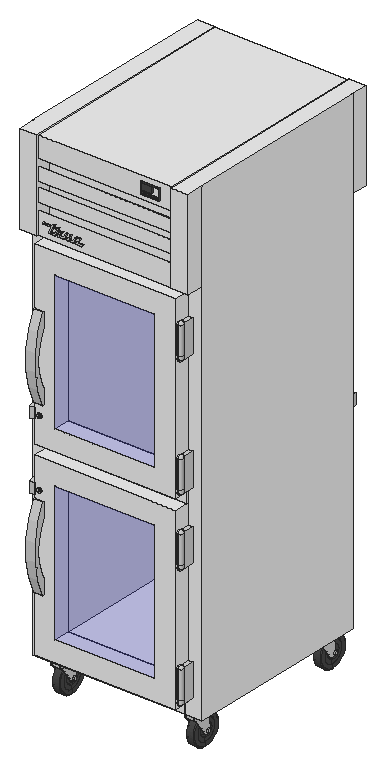
Revit family "QF_TRUE_STR1RPT-2HG-1S-HC", category Specialty Equipment, Revit 2012
Parameters
  Weight in Pounds = 0
  Watts = Volts * FL Amps  # 437 W
  Volts = 115 V
  URL Manufacturer = "www.truemfg.com"
  URL Cutsheet = "www.truemfg.com"
  URL = "www.truemfg.com"
  Type Mark [instance] = ""
  Type Comments = "www.truemfg.com"
  Status [instance] = ""
  Specification by User [instance] = ""
  Specification by Manufacturer = ""
  Show Seismic Flanged [instance] = no
  Show Logo [instance] = yes
  Show Legs [instance] = no
  Show Clearance [instance] = yes
  Serial Number = ""
  Seismic Rating = ""
  Seismic Plate [instance] = and(Show Seismic Flanged, not(Show Casters))  # no
  SMACNA No = ""
  Revision Code [instance] = ""
  Phase = 1
  Omniclass Number and Title = ""
  Number of Poles [instance] = 1
  NAFEM Spec ID Number = ""
  Model = "STR1RPT-2HG-1S-HC"
  Min Ckt Ampacity = 15 A
  Max Overcurrent Protection = 15 A
  MasterSpec. = ""
  Manufacturer = "TRUE FOOD SERVICE EQUIPMENT, INC."
  Length = 27 1/2"
  Legs [instance] = or(Show Legs, Show Seismic Flanged)  # no
  Item Number [instance] = ""
  Installed By [instance] = ""
  Identify Quantity as Lot [instance] = yes
  Height = 77 3/4"
  HP = "1/4"
  Furnished By [instance] = ""
  Foodservice Equipment Identifier [instance] = yes
  FL Amps = 3.8 A
  Electrical Remarks [instance] = ""
  Electric Connection Type [instance] = ""
  Elec Conn RI Height [instance] = 0"
  Elec Conn Connection Height [instance] = 0"
  Description = "PASS-THRU HALF GLASS FRONT/SOLID REAR SWING DOORS REFRIGERATOR WITH HYDROCARBON REFRIGERANT"
  Depth = 36 1/8"
  Cycle = 60 Hz
  Conn Plug = "5-15P"
  Conn Conduit = yes
  Show Casters [instance] = and(not(if(Show Legs, Show Legs, Show Legs)), not(if(Show Legs, Show Legs, Show Seismic Flanged)))  # yes
  CSI MasterFormat = ""
  CSI Master Format = ""
  Apparent Power = if(Phase = 3, Volts * FL Amps * 1.73, Volts * FL Amps)  # 437 VA
Reference planes (in)
  plane 1: z = 0
  plane 2 "LEFT": x = 0
  plane 3 "RIGHT": x = 27.5
  plane 4 "FRONT": y = -33.75
  plane 5 "TOP": z = 84.125
  plane 6: z = 6.125
  plane 7: y = -33.7042
  plane 8: y = 2.375
  plane 9: y = -35.40625
  plane 10: y = 4.03125
Forms (in)
  Extrusion 1, solid, material "QF_Finishes_Chrome - Satin"
    sketch origin (0.09687, 0, 0) x (1, 0, 0) y (0, 1, 0)
      loop
        line (-0.09687, -0.375) -> (-0.09687, -31) -> (2.7625, -31) -> (2.7625, -0.375) -> (-0.09687, -0.375)
    from 6.125 to 84.125
  Extrusion 2, solid, material "QF_Finishes_Chrome - Satin"
    sketch origin (50.15, 0, 0) x (1, 0, 0) y (0, 1, 0)
      loop
        line (-25.50937, -0.375) -> (-25.50937, -31) -> (-22.65, -31) -> (-22.65, -0.375) -> (-25.50937, -0.375)
    from 6.125 to 84.125
  Extrusion 3, solid, material "QF_Finishes_Chrome - Satin"
    sketch origin (0, 0, 0) x (0, 1, 0) y (0, 0, 1)
      loop
        line (-33.5625, 69.5) -> (-31, 69.5) -> (-31, 64.75) -> (-0.375, 64.75) -> (-0.375, 69.5) -> (2.1875, 69.5) -> (2.1875, 73.29302) -> (-0.15841, 71.625) -> (-0.15841, 72.90057) -> (2.1875, 74.56859) -> (2.1875, 76.6648) -> (-0.15841, 74.99678) -> (-0.15841, 75.95754) -> (2.1875, 77.62556) -> (2.1875, 79.75927) -> (-0.15841, 78.09125) -> (-0.15841, 79.21352) -> (2.1875, 80.88154) -> (2.1875, 84.125) -> (-33.5625, 84.125) -> (-33.5625, 80.68002) -> (-31.5, 79.21352) -> (-31.5, 78.09125) -> (-33.5625, 79.55776) -> (-33.5625, 77.42405) -> (-31.5, 75.95754) -> (-31.5, 74.99678) -> (-33.5625, 76.46328) -> (-33.5625, 74.36708) -> (-31.5, 72.90057) -> (-31.5, 71.625) -> (-33.5625, 73.09151) -> (-33.5625, 69.5)
      loop
        line (-31, 6.125) -> (-0.375, 6.125) -> (-0.375, 8.94743) -> (-31, 8.94743) -> (-31, 6.125)
    from 2.85938 to 24.64063
  Extrusion 4, solid, material "QF_Finishes_Chrome - Satin"
    sketch origin (0.10531, 0, 0) x (1, 0, 0) y (0, 1, 0)
      loop
        line (27.34782, -31) -> (24.53532, -31) -> (24.53532, -33.75) -> (27.34782, -33.75) -> (27.34782, -31)
    from 69.5 to 84.125
  Extrusion 5, solid, material "QF_Finishes_Chrome - Satin"
    sketch origin (-50.19421, 0, 0.25) x (1, 0, 0) y (0, 1, 0)
      loop
        line (53.05359, -31) -> (50.24109, -31) -> (50.24109, -33.75) -> (53.05359, -33.75) -> (53.05359, -31)
    from 69.25 to 83.875
  Extrusion 6, solid, material "QF_Finishes_Handrails and Railings", visible <- "Show Logo"
    sketch origin (0.33478, 1.08173, -6.73143) x (1, 0, 0) y (0, 0, 1)
      loop
        line (3.46044, 78.46231) -> (3.35478, 78.23573) -> (4.76027, 78.23573)
        arc (4.76027, 78.23573) -> (4.78879, 78.18528) -> (4.76027, 78.13484) r 0.05887
        line (4.76027, 78.13484) -> (4.39369, 77.34872)
        arc (4.39369, 77.34872) -> (4.39051, 77.27591) -> (4.43975, 77.22217) r 0.09523
        line (4.43975, 77.22217) -> (5.33844, 77.22217)
        arc (5.33844, 77.22217) -> (5.45192, 77.25795) -> (5.52436, 77.35235) r 0.19785
        line (5.52436, 77.35235) -> (5.81285, 77.97101) -> (6.0779, 77.97101)
        arc (6.0779, 77.97101) -> (6.14744, 77.94543) -> (6.13737, 77.87203) r 0.05911
        line (6.13737, 77.87203) -> (5.89598, 77.35437)
        arc (5.89598, 77.35437) -> (5.89974, 77.2684) -> (5.97231, 77.22217) r 0.09318
        line (5.97231, 77.22217) -> (6.76198, 77.22217)
        arc (6.76198, 77.22217) -> (6.82249, 77.24419) -> (6.85468, 77.29995) r 0.09412
        arc (6.85468, 77.29995) -> (6.87746, 77.24495) -> (6.93246, 77.22217) r 0.07778
        line (6.93246, 77.22217) -> (7.43246, 77.22217)
        arc (7.43246, 77.22217) -> (7.49022, 77.23765) -> (7.53251, 77.27993) r 0.11552
        arc (7.53251, 77.27993) -> (7.55275, 77.23106) -> (7.60162, 77.21081) r 0.06912
        line (7.60162, 77.21081) -> (8.31225, 77.21081)
        arc (8.31225, 77.21081) -> (8.37034, 77.23488) -> (8.39441, 77.29297) r 0.08216
        arc (8.39441, 77.29297) -> (8.44767, 77.23972) -> (8.52042, 77.22022) r 0.14551
        line (8.52042, 77.22022) -> (9.85158, 77.22022) -> (9.99946, 77.47634) -> (8.65678, 77.47634)
        arc (8.65678, 77.47634) -> (8.61972, 77.50204) -> (8.61834, 77.54711) r 0.05009
        line (8.61834, 77.54711) -> (8.64157, 77.59692)
        arc (8.64157, 77.59692) -> (8.67723, 77.64364) -> (8.73327, 77.66135) r 0.09747
        line (8.73327, 77.66135) -> (9.16485, 77.66135)
        arc (9.16485, 77.66135) -> (9.258, 77.68631) -> (9.32619, 77.7545) r 0.1863
        line (9.32619, 77.7545) -> (9.45119, 77.97101)
        arc (9.45119, 77.97101) -> (9.45119, 78.08657) -> (9.35111, 78.14434) r 0.11556
        line (9.35111, 78.14434) -> (8.89562, 78.14434)
        arc (8.89562, 78.14434) -> (8.7795, 78.12462) -> (8.69849, 78.03912) r 0.18605
        line (8.69849, 78.03912) -> (8.48204, 77.57493)
        arc (8.48204, 77.57493) -> (8.41815, 77.49167) -> (8.31806, 77.46011) r 0.1745
        line (8.31806, 77.46011) -> (7.84559, 77.46011)
        arc (7.84559, 77.46011) -> (7.78903, 77.52184) -> (7.79268, 77.60548) r 0.10939
        line (7.79268, 77.60548) -> (8.04395, 78.14434) -> (7.88403, 78.14434) -> (7.61781, 77.57344)
        arc (7.61781, 77.57344) -> (7.56609, 77.50603) -> (7.48505, 77.48048) r 0.14128
        line (7.48505, 77.48048) -> (7.15925, 77.48048)
        arc (7.15925, 77.48048) -> (7.10419, 77.55223) -> (7.116, 77.64189) r 0.11816
        line (7.116, 77.64189) -> (7.3503, 78.14434) -> (7.18514, 78.14434) -> (6.91546, 77.566)
        arc (6.91546, 77.566) -> (6.85285, 77.50339) -> (6.76733, 77.48048) r 0.17104
        line (6.76733, 77.48048) -> (6.29555, 77.48048)
        arc (6.29555, 77.48048) -> (6.21082, 77.51999) -> (6.20267, 77.61313) r 0.0935
        line (6.20267, 77.61313) -> (6.35774, 77.94569) -> (6.57695, 77.94569)
        arc (6.57695, 77.94569) -> (6.61395, 78.05717) -> (6.69267, 78.14434) r 0.2857
        line (6.69267, 78.14434) -> (5.83605, 78.14434)
        arc (5.83605, 78.14434) -> (5.74086, 78.12324) -> (5.67498, 78.05135) r 0.16212
        line (5.67498, 78.05135) -> (5.44279, 77.55341)
        arc (5.44279, 77.55341) -> (5.3894, 77.50002) -> (5.31647, 77.48048) r 0.14586
        line (5.31647, 77.48048) -> (4.80506, 77.48048)
        arc (4.80506, 77.48048) -> (4.76514, 77.53442) -> (4.77274, 77.60109) r 0.09155
        line (4.77274, 77.60109) -> (5.11018, 78.23573) -> (5.96155, 78.23573) -> (6.06721, 78.46231) -> (5.21584, 78.46231) -> (5.32149, 78.68888) -> (5.01862, 78.68888) -> (4.91297, 78.46231) -> (3.46044, 78.46231)
      loop
        arc (8.83805, 77.93863) -> (8.80119, 77.92875) -> (8.7742, 77.90176) r 0.07373
        line (8.7742, 77.90176) -> (8.75229, 77.83436)
        arc (8.75229, 77.83436) -> (8.76245, 77.80983) -> (8.78699, 77.79966) r 0.0347
        line (8.78699, 77.79966) -> (9.15948, 77.79966)
        arc (9.15948, 77.79966) -> (9.18632, 77.80561) -> (9.20812, 77.82234) r 0.0635
        line (9.20812, 77.82234) -> (9.22624, 77.90622)
        arc (9.22624, 77.90622) -> (9.22091, 77.92868) -> (9.20009, 77.93863) r 0.02676
        line (9.20009, 77.93863) -> (8.83805, 77.93863)
    from 34.64423 to 34.83173
  Extrusion 7, solid
    sketch origin (-25.125, 2.60721, 0) x (1, 0, 0) y (0, 0, 1)
      loop
        circle (49.375, 82) r 0.25
    from 0.23221 to 0.125
  Revolve 8, solid, material "QF_Finishes_Black", visible <- "Show Casters"
    sketch origin (22.65625, -27.375, 0) x (1, 0, 0) y (0, 0, 1)
      loop
        line (1.475, 5) -> (1.375, 4.9) -> (1.375, 4.29941) -> (1.53601, 4.29941) -> (1.53601, 3.54941) -> (1.375, 3.54941) -> (1.375, 2.79941) -> (0.975, 2.79941) -> (0.975, 2.5) -> (3.025, 2.5) -> (3.025, 2.79941) -> (2.62908, 2.79941) -> (2.62908, 3.54941) -> (2.46399, 3.54941) -> (2.46399, 4.29941) -> (2.62908, 4.29941) -> (2.62908, 4.89592) -> (2.525, 5) -> (1.475, 5)
      axis (3.025, 2.5) -> (0.975, 2.5)
    angle from 0 to 360
  Extrusion 9, solid, material "QF_Finishes_Handrails and Railings", visible <- "Show Casters"
    sketch origin (22.65625, 0, 0) x (0, 1, 0) y (0, 0, 1)
      loop
        line (-29.95136, 5.48574) -> (-29.95136, 4.88089) -> (-29.70136, 4.88089) -> (-27.95216, 2.18736)
        arc (-27.95216, 2.18736) -> (-27.23883, 1.94868) -> (-26.84581, 2.59003) r 0.60416
        line (-26.84581, 2.59003) -> (-27.20136, 5.48574) -> (-29.95136, 5.48574)
      loop
        line (-4.45145, 5.48574) -> (-4.45145, 4.88089) -> (-4.20145, 4.88089) -> (-2.45225, 2.18736)
        arc (-2.45225, 2.18736) -> (-1.73892, 1.94868) -> (-1.3459, 2.59003) r 0.60416
        line (-1.3459, 2.59003) -> (-1.70145, 5.48574) -> (-4.45145, 5.48574)
    from 1.175 to 1.325
  Extrusion 10, solid, material "QF_Finishes_Handrails and Railings", visible <- "Show Casters"
    sketch origin (24.15625, 0, 0) x (0, 1, 0) y (0, 0, 1)
      loop
        line (-29.95136, 5.48574) -> (-29.95136, 4.88089) -> (-29.70136, 4.88089) -> (-27.95216, 2.18736)
        arc (-27.95216, 2.18736) -> (-27.23883, 1.94868) -> (-26.84581, 2.59003) r 0.60416
        line (-26.84581, 2.59003) -> (-27.20136, 5.48574) -> (-29.95136, 5.48574)
      loop
        line (-4.45145, 5.48574) -> (-4.45145, 4.88089) -> (-4.20145, 4.88089) -> (-2.45225, 2.18736)
        arc (-2.45225, 2.18736) -> (-1.73892, 1.94868) -> (-1.3459, 2.59003) r 0.60416
        line (-1.3459, 2.59003) -> (-1.70145, 5.48574) -> (-4.45145, 5.48574)
    from 1.175 to 1.325
  Revolve 11, solid, material "QF_Finishes_Chrome - Satin", visible <- "Show Casters"
    sketch origin (22.65625, -28.5625, -0.5) x (1, 0, 0) y (0, 0, 1)
      loop
        line (2, 5.99546) -> (2, 6.62359) -> (0.70293, 6.62359) -> (0.70293, 5.99546) -> (2, 5.99546)
      axis (2, 5.99546) -> (2, 6.62359)
    angle from 0 to 360
  Revolve 12, solid, material "QF_Finishes_Chrome - Satin", visible <- "Legs"
    sketch origin (22.65625, -2.69102, 0) x (1, 0, 0) y (0, 0, 1)
      loop
        line (2, 6.125) -> (0.66662, 6.125) -> (1.25, 1) -> (1.5, 1) -> (1.5, 0) -> (2, 0) -> (2, 6.125)
      axis (2, 0) -> (2, 6.125)
    angle from 0 to 360
  Revolve 13, solid, material "QF_Finishes_Chrome - Satin", visible <- "Legs"
    sketch origin (22.65625, -28.5625, 0) x (1, 0, 0) y (0, 0, 1)
      loop
        line (2, 6.125) -> (0.66662, 6.125) -> (1.25, 1) -> (1.5, 1) -> (1.5, 0) -> (2, 0) -> (2, 6.125)
      axis (2, 0) -> (2, 6.125)
    angle from 0 to 360
  Revolve 14, solid, material "QF_Finishes_Chrome - Satin", visible <- "Show Casters"
    sketch origin (22.65625, -2.70321, -0.5) x (1, 0, 0) y (0, 0, 1)
      loop
        line (2, 5.99546) -> (2, 6.62359) -> (0.70293, 6.62359) -> (0.70293, 5.99546) -> (2, 5.99546)
      axis (2, 5.99546) -> (2, 6.62359)
    angle from 0 to 360
  Extrusion 15, solid, material "QF_Finishes_Handrails and Railings", visible <- "Show Casters"
    sketch origin (-25.125, 0, 0) x (0, 1, 0) y (0, 0, 1)
      loop
        line (-29.95136, 5.48574) -> (-29.95136, 4.88089) -> (-29.70136, 4.88089) -> (-27.16533, 5.19227) -> (-27.20136, 5.48574) -> (-29.95136, 5.48574)
      loop
        line (-4.45145, 5.48574) -> (-4.45145, 4.88089) -> (-4.20145, 4.88089) -> (-1.66542, 5.19227) -> (-1.70145, 5.48574) -> (-4.45145, 5.48574)
    from 49.10625 to 50.45625
  Revolve 16, solid, material "QF_Finishes_Black", visible <- "Show Casters"
    sketch origin (0.84375, -27.375, 0) x (1, 0, 0) y (0, 0, 1)
      loop
        line (1.475, 5) -> (1.375, 4.9) -> (1.375, 4.29941) -> (1.53601, 4.29941) -> (1.53601, 3.54941) -> (1.375, 3.54941) -> (1.375, 2.79941) -> (0.975, 2.79941) -> (0.975, 2.5) -> (3.025, 2.5) -> (3.025, 2.79941) -> (2.62908, 2.79941) -> (2.62908, 3.54941) -> (2.46399, 3.54941) -> (2.46399, 4.29941) -> (2.62908, 4.29941) -> (2.62908, 4.89592) -> (2.525, 5) -> (1.475, 5)
      axis (3.025, 2.5) -> (0.975, 2.5)
    angle from 0 to 360
  Extrusion 17, solid, material "QF_Finishes_Handrails and Railings", visible <- "Show Casters"
    sketch origin (0.84375, 0, 0) x (0, 1, 0) y (0, 0, 1)
      loop
        line (-29.95136, 5.48574) -> (-29.95136, 4.88089) -> (-29.70136, 4.88089) -> (-27.95216, 2.18736)
        arc (-27.95216, 2.18736) -> (-27.23883, 1.94868) -> (-26.84581, 2.59003) r 0.60416
        line (-26.84581, 2.59003) -> (-27.20136, 5.48574) -> (-29.95136, 5.48574)
      loop
        line (-4.45145, 5.48574) -> (-4.45145, 4.88089) -> (-4.20145, 4.88089) -> (-2.45225, 2.18736)
        arc (-2.45225, 2.18736) -> (-1.73892, 1.94868) -> (-1.3459, 2.59003) r 0.60416
        line (-1.3459, 2.59003) -> (-1.70145, 5.48574) -> (-4.45145, 5.48574)
    from 1.175 to 1.325
  Extrusion 18, solid, material "QF_Finishes_Handrails and Railings", visible <- "Show Casters"
    sketch origin (2.34375, 0, 0) x (0, 1, 0) y (0, 0, 1)
      loop
        line (-29.95136, 5.48574) -> (-29.95136, 4.88089) -> (-29.70136, 4.88089) -> (-27.95216, 2.18736)
        arc (-27.95216, 2.18736) -> (-27.23883, 1.94868) -> (-26.84581, 2.59003) r 0.60416
        line (-26.84581, 2.59003) -> (-27.20136, 5.48574) -> (-29.95136, 5.48574)
      loop
        line (-4.45145, 5.48574) -> (-4.45145, 4.88089) -> (-4.20145, 4.88089) -> (-2.45225, 2.18736)
        arc (-2.45225, 2.18736) -> (-1.73892, 1.94868) -> (-1.3459, 2.59003) r 0.60416
        line (-1.3459, 2.59003) -> (-1.70145, 5.48574) -> (-4.45145, 5.48574)
    from 1.175 to 1.325
  Revolve 19, solid, material "QF_Finishes_Chrome - Satin", visible <- "Show Casters"
    sketch origin (0.84375, -28.5625, -0.5) x (1, 0, 0) y (0, 0, 1)
      loop
        line (2, 5.99546) -> (2, 6.62359) -> (0.70293, 6.62359) -> (0.70293, 5.99546) -> (2, 5.99546)
      axis (2, 5.99546) -> (2, 6.62359)
    angle from 0 to 360
  Revolve 20, solid, material "QF_Finishes_Chrome - Satin", visible <- "Legs"
    sketch origin (0.84375, -2.69102, 0) x (1, 0, 0) y (0, 0, 1)
      loop
        line (2, 6.125) -> (0.66662, 6.125) -> (1.25, 1) -> (1.5, 1) -> (1.5, 0) -> (2, 0) -> (2, 6.125)
      axis (2, 0) -> (2, 6.125)
    angle from 0 to 360
  Revolve 21, solid, material "QF_Finishes_Chrome - Satin", visible <- "Legs"
    sketch origin (0.84375, -28.5625, 0) x (1, 0, 0) y (0, 0, 1)
      loop
        line (2, 6.125) -> (0.66662, 6.125) -> (1.25, 1) -> (1.5, 1) -> (1.5, 0) -> (2, 0) -> (2, 6.125)
      axis (2, 0) -> (2, 6.125)
    angle from 0 to 360
  Revolve 22, solid, material "QF_Finishes_Chrome - Satin", visible <- "Show Casters"
    sketch origin (0.84375, -2.70321, -0.5) x (1, 0, 0) y (0, 0, 1)
      loop
        line (2, 5.99546) -> (2, 6.62359) -> (0.70293, 6.62359) -> (0.70293, 5.99546) -> (2, 5.99546)
      axis (2, 5.99546) -> (2, 6.62359)
    angle from 0 to 360
  Extrusion 23, solid, material "QF_Finishes_Handrails and Railings", visible <- "Show Casters"
    sketch origin (-46.9375, 0, 0) x (0, 1, 0) y (0, 0, 1)
      loop
        line (-29.95136, 5.48574) -> (-29.95136, 4.88089) -> (-29.70136, 4.88089) -> (-27.16533, 5.19227) -> (-27.20136, 5.48574) -> (-29.95136, 5.48574)
      loop
        line (-4.45145, 5.48574) -> (-4.45145, 4.88089) -> (-4.20145, 4.88089) -> (-1.66542, 5.19227) -> (-1.70145, 5.48574) -> (-4.45145, 5.48574)
    from 49.10625 to 50.45625
  Extrusion 24, solid, material "QF_Finishes_Chrome - Satin"
    sketch origin (-25.125, -31.7042, -0.71875) x (1, 0, 0) y (0, 0, -1)
      loop
        line (27.40625, -68.6875) -> (50.34375, -68.6875) -> (50.34375, -8.75) -> (27.40625, -8.75) -> (27.40625, -68.6875)
    from 31.3292 to 33.8917
  Extrusion 25, solid, material "QF_Finishes_Chrome - Satin"
    sketch origin (0.10531, -31.3292, 0) x (1, 0, 0) y (0, 1, 0)
      loop
        line (27.34782, 30.9542) -> (27.34782, 33.7042) -> (24.53532, 33.7042) -> (24.53532, 30.9542) -> (27.34782, 30.9542)
    from 69.5 to 84.125
  Extrusion 26, solid, material "QF_Finishes_Chrome - Satin"
    sketch origin (-50.19421, -31.3292, 0.25) x (1, 0, 0) y (0, 1, 0)
      loop
        line (53.05359, 30.625) -> (53.05359, 33.7042) -> (50.24109, 33.7042) -> (50.24109, 30.625) -> (53.05359, 30.625)
    from 69.25 to 83.875
  Extrusion 27, solid, material "QF_Finishes_Handrails and Railings"
    sketch origin (1.28125, -31.10979, 0) x (0, -1, 0) y (0, 0, -1)
      loop
        line (-30.73479, -64.55229) -> (-30.73479, -59.23627) -> (-32.875, -59.23627) -> (-32.875, -59.94848) -> (-32.43997, -59.94848) -> (-32.43997, -64.34776)
        arc (-32.43997, -64.34776) -> (-32.38006, -64.49238) -> (-32.23544, -64.55229) r 0.20453
        line (-32.23544, -64.55229) -> (-30.73479, -64.55229)
    from 0.17506 to 1
  Revolve 28, solid, material "QF_Finishes_Handrails and Railings"
    sketch origin (1.78125, -31.10979, 0) x (0, -1, 0) y (0, 0, -1)
      loop
        line (-32.89063, -60.00189) -> (-33.29729, -60.00189) -> (-33.29729, -64.4736)
        arc (-33.29729, -64.4736) -> (-33.16222, -64.72557) -> (-32.89063, -64.81483) r 0.3848
        line (-32.89063, -64.81483) -> (-32.89063, -60.00189)
      loop
        line (-32.89063, -59.94848) -> (-32.89063, -59.04781)
        arc (-32.89063, -59.04781) -> (-33.15764, -59.13383) -> (-33.29729, -59.37712) r 0.38884
        line (-33.29729, -59.37712) -> (-33.29729, -59.94848) -> (-32.89063, -59.94848)
      axis (-32.89063, -59.04781) -> (-32.89063, -64.81483)
    angle from 0 to 360
  Extrusion 29, solid, material "QF_Finishes_Handrails and Railings"
    sketch origin (-0.03125, -31.44079, 0) x (1, 0, 0) y (0, 0, -1)
      loop
        line (1.91491, -64.4736) -> (2.3125, -64.4736) -> (2.3125, -60.00079) -> (1.91491, -60.00079) -> (1.91491, -64.4736)
    from 32.81497 to 33.59495
  Extrusion 30, solid, material "QF_Finishes_Handrails and Railings"
    sketch origin (1.28125, -31.10979, -19.5) x (0, -1, 0) y (0, 0, -1)
      loop
        line (-30.73479, -64.55229) -> (-30.73479, -59.23627) -> (-32.875, -59.23627) -> (-32.875, -59.94848) -> (-32.43997, -59.94848) -> (-32.43997, -64.34776)
        arc (-32.43997, -64.34776) -> (-32.38006, -64.49238) -> (-32.23544, -64.55229) r 0.20453
        line (-32.23544, -64.55229) -> (-30.73479, -64.55229)
    from 0.17506 to 1
  Revolve 31, solid, material "QF_Finishes_Handrails and Railings"
    sketch origin (1.78125, -31.10979, -19.5) x (0, -1, 0) y (0, 0, -1)
      loop
        line (-32.89063, -60.00189) -> (-33.29729, -60.00189) -> (-33.29729, -64.4736)
        arc (-33.29729, -64.4736) -> (-33.16222, -64.72557) -> (-32.89063, -64.81483) r 0.3848
        line (-32.89063, -64.81483) -> (-32.89063, -60.00189)
      loop
        line (-32.89063, -59.94848) -> (-32.89063, -59.04781)
        arc (-32.89063, -59.04781) -> (-33.15764, -59.13383) -> (-33.29729, -59.37712) r 0.38884
        line (-33.29729, -59.37712) -> (-33.29729, -59.94848) -> (-32.89063, -59.94848)
      axis (-32.89063, -59.04781) -> (-32.89063, -64.81483)
    angle from 0 to 360
  Extrusion 32, solid, material "QF_Finishes_Handrails and Railings"
    sketch origin (-0.03125, -31.44079, -19.5) x (1, 0, 0) y (0, 0, -1)
      loop
        line (1.91491, -64.4736) -> (2.3125, -64.4736) -> (2.3125, -60.00189) -> (1.91491, -60.00189) -> (1.91491, -64.4736)
    from 32.81497 to 33.59495
  Extrusion 33, solid, material "QF_Finishes_Handrails and Railings"
    sketch origin (1.28125, -31.10979, -30.5) x (0, -1, 0) y (0, 0, -1)
      loop
        line (-30.73479, -64.55229) -> (-30.73479, -59.23627) -> (-32.875, -59.23627) -> (-32.875, -59.94848) -> (-32.43997, -59.94848) -> (-32.43997, -64.34776)
        arc (-32.43997, -64.34776) -> (-32.38006, -64.49238) -> (-32.23544, -64.55229) r 0.20453
        line (-32.23544, -64.55229) -> (-30.73479, -64.55229)
    from 0.17506 to 1
  Revolve 34, solid, material "QF_Finishes_Handrails and Railings"
    sketch origin (1.78125, -31.10979, -30.5) x (0, -1, 0) y (0, 0, -1)
      loop
        line (-32.89063, -60.00189) -> (-33.29729, -60.00189) -> (-33.29729, -64.4736)
        arc (-33.29729, -64.4736) -> (-33.16222, -64.72557) -> (-32.89063, -64.81483) r 0.3848
        line (-32.89063, -64.81483) -> (-32.89063, -60.00189)
      loop
        line (-32.89063, -59.94848) -> (-32.89063, -59.04781)
        arc (-32.89063, -59.04781) -> (-33.15764, -59.13383) -> (-33.29729, -59.37712) r 0.38884
        line (-33.29729, -59.37712) -> (-33.29729, -59.94848) -> (-32.89063, -59.94848)
      axis (-32.89063, -59.04781) -> (-32.89063, -64.81483)
    angle from 0 to 360
  Extrusion 35, solid, material "QF_Finishes_Handrails and Railings"
    sketch origin (-0.03125, -31.40745, -30.5) x (1, 0, 0) y (0, 0, -1)
      loop
        line (1.91491, -64.4736) -> (2.3125, -64.4736) -> (2.3125, -60.00079) -> (1.91491, -60.00079) -> (1.91491, -64.4736)
    from 32.81497 to 33.59495
  Extrusion 36, solid, material "QF_Finishes_Handrails and Railings"
    sketch origin (1.28125, -31.10979, -50.25) x (0, -1, 0) y (0, 0, -1)
      loop
        line (-30.73479, -64.55229) -> (-30.73479, -59.19743) -> (-32.875, -59.19743) -> (-32.875, -59.94848) -> (-32.43997, -59.94848) -> (-32.43997, -64.34776)
        arc (-32.43997, -64.34776) -> (-32.38006, -64.49238) -> (-32.23544, -64.55229) r 0.20453
        line (-32.23544, -64.55229) -> (-30.73479, -64.55229)
    from 0.17506 to 1
  Revolve 37, solid, material "QF_Finishes_Handrails and Railings"
    sketch origin (1.78125, -31.10979, -50.25) x (0, -1, 0) y (0, 0, -1)
      loop
        line (-32.89063, -60.00189) -> (-33.29729, -60.00189) -> (-33.29729, -64.4736)
        arc (-33.29729, -64.4736) -> (-33.16222, -64.72557) -> (-32.89063, -64.81483) r 0.3848
        line (-32.89063, -64.81483) -> (-32.89063, -60.00189)
      loop
        line (-32.89063, -59.94848) -> (-32.89063, -59.04781)
        arc (-32.89063, -59.04781) -> (-33.15764, -59.13383) -> (-33.29729, -59.37712) r 0.38884
        line (-33.29729, -59.37712) -> (-33.29729, -59.94848) -> (-32.89063, -59.94848)
      axis (-32.89063, -59.04781) -> (-32.89063, -64.81483)
    angle from 0 to 360
  Extrusion 38, solid, material "QF_Finishes_Handrails and Railings"
    sketch origin (-0.03125, -31.42412, -50.25) x (1, 0, 0) y (0, 0, -1)
      loop
        line (1.91491, -64.4736) -> (2.3125, -64.4736) -> (2.3125, -60.00079) -> (1.91491, -60.00079) -> (1.91491, -64.4736)
    from 32.81497 to 33.59495
  Extrusion 39, solid, material "QF_Finishes_Handrails and Railings"
    sketch origin (50.84375, -31.3125, -2.0625) x (-1, 0, 0) y (0, 0, 1)
      loop
        circle (26.4375, 40.0625) r 0.35
      loop
        line (26.47265, 40.33635) -> (26.41715, 40.33635) -> (26.41715, 39.76895) -> (26.47265, 39.76895) -> (26.47265, 40.33635)
    from 33.5 to 33.5625
  Blend 40, solid, material "QF_Finishes_Handrails and Railings"
    base sketch origin (-0.03125, -31.7042, -0.0625) x (1, 0, 0) y (0, 0, -1)
      loop
        line (25.25, -38.99169) -> (26, -38.99169) -> (26, -37.24169) -> (25.25, -37.24169) -> (25.25, -38.99169)
    top sketch origin (-0.03125, -31.7042, -0.0625) x (1, 0, 0) y (0, 0, -1)
      loop
        line (26.18223, -36.6441) -> (25.25, -36.6441) -> (25.25, -39.42643) -> (26.18223, -39.42643) -> (26.18223, -36.6441)
    from 33.8917 to 31.3292
  Extrusion 41, solid, material "QF_Finishes_Chrome - Satin"
    sketch origin (-25.125, 0, -0.8125) x (1, 0, 0) y (0, 0, 1)
      loop
        line (50.34375, 37.96875) -> (27.40625, 37.96875) -> (27.40625, 8.84375) -> (50.34375, 8.84375) -> (50.34375, 37.96875)
      loop
        line (50.34375, 68.78125) -> (27.40625, 68.78125) -> (27.40625, 39.65625) -> (50.34375, 39.65625) -> (50.34375, 68.78125)
      loop
        line (47, 65.4375) -> (30.75, 65.4375) -> (30.75, 43) -> (47, 43) -> (47, 65.4375)
      loop
        line (47, 34.625) -> (30.75, 34.625) -> (30.75, 12.1875) -> (47, 12.1875) -> (47, 34.625)
    from 31 to 33.5625
  Extrusion 42, solid, material "QF_Finishes_Handrails and Railings"
    sketch origin (-8.53356, -0.25, 98.9375) x (0, 1, 0) y (0, 0, 1)
      loop
        line (-33.3125, -53.875) -> (-33.3125, -51.49649)
        arc (-33.3125, -51.49649) -> (-34.64003, -47.075) -> (-33.3125, -42.65351) r 8.0269
        line (-33.3125, -42.65351) -> (-33.3125, -40.275) -> (-33.5247, -40.275)
        arc (-33.5247, -40.275) -> (-35.15626, -47.075) -> (-33.5247, -53.875) r 14.98625
        line (-33.5247, -53.875) -> (-33.3125, -53.875)
    from 10.87731 to 12.37731
  Extrusion 43, solid, material "QF_Finishes_Handrails and Railings"
    sketch origin (-23.34375, 0.10979, 3.15625) x (1, 0, 0) y (0, 0, 1)
      loop
        circle (26.4375, 40.0625) r 0.35
      loop
        line (26.47265, 40.33635) -> (26.41715, 40.33635) -> (26.41715, 39.76895) -> (26.47265, 39.76895) -> (26.47265, 40.33635)
    from 33.67229 to 33.73479
  Blend 44, solid, material "QF_Finishes_Handrails and Railings"
    base sketch origin (27.53125, 0.10979, 5.15625) x (-1, 0, 0) y (0, 0, -1)
      loop
        line (25.25, -38.99169) -> (26, -38.99169) -> (26, -37.24169) -> (25.25, -37.24169) -> (25.25, -38.99169)
    top sketch origin (27.53125, 0.10979, 5.15625) x (-1, 0, 0) y (0, 0, -1)
      loop
        line (26.18223, -36.6441) -> (25.25, -36.6441) -> (25.25, -39.42643) -> (26.18223, -39.42643) -> (26.18223, -36.6441)
    from 33.67229 to 31.10979
  Extrusion 45, solid, material "QF_Finishes_Handrails and Railings"
    sketch origin (26.21875, 0.10979, -0.09375) x (0, 1, 0) y (0, 0, -1)
      loop
        line (-31.10979, -64.55229) -> (-31.10979, -59.23627) -> (-33.25, -59.23627) -> (-33.25, -59.94848) -> (-32.81497, -59.94848) -> (-32.81497, -64.34776)
        arc (-32.81497, -64.34776) -> (-32.75506, -64.49238) -> (-32.61044, -64.55229) r 0.20453
        line (-32.61044, -64.55229) -> (-31.10979, -64.55229)
    from 0.17506 to 1
  Revolve 46, solid, material "QF_Finishes_Handrails and Railings"
    sketch origin (25.71875, 0.10979, -0.09375) x (0, 1, 0) y (0, 0, -1)
      loop
        line (-33.26563, -60.00189) -> (-33.67229, -60.00189) -> (-33.67229, -64.4736)
        arc (-33.67229, -64.4736) -> (-33.53722, -64.72557) -> (-33.26563, -64.81483) r 0.3848
        line (-33.26563, -64.81483) -> (-33.26563, -60.00189)
      loop
        line (-33.26563, -59.94848) -> (-33.26563, -59.04781)
        arc (-33.26563, -59.04781) -> (-33.53264, -59.13383) -> (-33.67229, -59.37712) r 0.38884
        line (-33.67229, -59.37712) -> (-33.67229, -59.94848) -> (-33.26563, -59.94848)
      axis (-33.26563, -59.04781) -> (-33.26563, -64.81483)
    angle from 0 to 360
  Extrusion 47, solid, material "QF_Finishes_Handrails and Railings"
    sketch origin (27.53125, 0.10979, -0.09375) x (-1, 0, 0) y (0, 0, -1)
      loop
        line (1.91491, -64.4736) -> (2.3125, -64.4736) -> (2.3125, -60.00079) -> (1.91491, -60.00079) -> (1.91491, -64.4736)
    from 32.81497 to 33.59495
  Extrusion 48, solid, material "QF_Finishes_Handrails and Railings"
    sketch origin (26.21875, 0.10979, -19.59375) x (0, 1, 0) y (0, 0, -1)
      loop
        line (-31.10979, -64.55229) -> (-31.10979, -59.23627) -> (-33.25, -59.23627) -> (-33.25, -59.94848) -> (-32.81497, -59.94848) -> (-32.81497, -64.34776)
        arc (-32.81497, -64.34776) -> (-32.75506, -64.49238) -> (-32.61044, -64.55229) r 0.20453
        line (-32.61044, -64.55229) -> (-31.10979, -64.55229)
    from 0.17506 to 1
  Revolve 49, solid, material "QF_Finishes_Handrails and Railings"
    sketch origin (25.71875, 0.10979, -19.59375) x (0, 1, 0) y (0, 0, -1)
      loop
        line (-33.26563, -60.00189) -> (-33.67229, -60.00189) -> (-33.67229, -64.4736)
        arc (-33.67229, -64.4736) -> (-33.53722, -64.72557) -> (-33.26563, -64.81483) r 0.3848
        line (-33.26563, -64.81483) -> (-33.26563, -60.00189)
      loop
        line (-33.26563, -59.94848) -> (-33.26563, -59.04781)
        arc (-33.26563, -59.04781) -> (-33.53264, -59.13383) -> (-33.67229, -59.37712) r 0.38884
        line (-33.67229, -59.37712) -> (-33.67229, -59.94848) -> (-33.26563, -59.94848)
      axis (-33.26563, -59.04781) -> (-33.26563, -64.81483)
    angle from 0 to 360
  Extrusion 50, solid, material "QF_Finishes_Handrails and Railings"
    sketch origin (27.53125, 0.10979, -19.59375) x (-1, 0, 0) y (0, 0, -1)
      loop
        line (1.91491, -64.4736) -> (2.3125, -64.4736) -> (2.3125, -60.00079) -> (1.91491, -60.00079) -> (1.91491, -64.4736)
    from 32.81497 to 33.59495
  Extrusion 51, solid, material "QF_Finishes_Handrails and Railings"
    sketch origin (26.21875, 0.10979, -30.59375) x (0, 1, 0) y (0, 0, -1)
      loop
        line (-31.10979, -64.55229) -> (-31.10979, -59.23627) -> (-33.25, -59.23627) -> (-33.25, -59.94848) -> (-32.81497, -59.94848) -> (-32.81497, -64.34776)
        arc (-32.81497, -64.34776) -> (-32.75506, -64.49238) -> (-32.61044, -64.55229) r 0.20453
        line (-32.61044, -64.55229) -> (-31.10979, -64.55229)
    from 0.17506 to 1
  Revolve 52, solid, material "QF_Finishes_Handrails and Railings"
    sketch origin (25.71875, 0.10979, -30.59375) x (0, 1, 0) y (0, 0, -1)
      loop
        line (-33.26563, -60.00189) -> (-33.67229, -60.00189) -> (-33.67229, -64.4736)
        arc (-33.67229, -64.4736) -> (-33.53722, -64.72557) -> (-33.26563, -64.81483) r 0.3848
        line (-33.26563, -64.81483) -> (-33.26563, -60.00189)
      loop
        line (-33.26563, -59.94848) -> (-33.26563, -59.04781)
        arc (-33.26563, -59.04781) -> (-33.53264, -59.13383) -> (-33.67229, -59.37712) r 0.38884
        line (-33.67229, -59.37712) -> (-33.67229, -59.94848) -> (-33.26563, -59.94848)
      axis (-33.26563, -59.04781) -> (-33.26563, -64.81483)
    angle from 0 to 360
  Extrusion 53, solid, material "QF_Finishes_Handrails and Railings"
    sketch origin (27.53125, 0.10979, -30.59375) x (-1, 0, 0) y (0, 0, -1)
      loop
        line (1.91491, -64.4736) -> (2.3125, -64.4736) -> (2.3125, -60.00079) -> (1.91491, -60.00079) -> (1.91491, -64.4736)
    from 32.81497 to 33.59495
  Extrusion 54, solid, material "QF_Finishes_Handrails and Railings"
    sketch origin (26.21875, 0.10979, -50.34375) x (0, 1, 0) y (0, 0, -1)
      loop
        line (-31.10979, -64.55229) -> (-31.10979, -59.29118) -> (-33.25, -59.29118) -> (-33.25, -59.94848) -> (-32.81497, -59.94848) -> (-32.81497, -64.34776)
        arc (-32.81497, -64.34776) -> (-32.75506, -64.49238) -> (-32.61044, -64.55229) r 0.20453
        line (-32.61044, -64.55229) -> (-31.10979, -64.55229)
    from 0.17506 to 1
  Revolve 55, solid, material "QF_Finishes_Handrails and Railings"
    sketch origin (25.71875, 0.10979, -50.34375) x (0, 1, 0) y (0, 0, -1)
      loop
        line (-33.26563, -60.00189) -> (-33.67229, -60.00189) -> (-33.67229, -64.4736)
        arc (-33.67229, -64.4736) -> (-33.53722, -64.72557) -> (-33.26563, -64.81483) r 0.3848
        line (-33.26563, -64.81483) -> (-33.26563, -60.00189)
      loop
        line (-33.26563, -59.94848) -> (-33.26563, -59.04781)
        arc (-33.26563, -59.04781) -> (-33.53264, -59.13383) -> (-33.67229, -59.37712) r 0.38884
        line (-33.67229, -59.37712) -> (-33.67229, -59.94848) -> (-33.26563, -59.94848)
      axis (-33.26563, -59.04781) -> (-33.26563, -64.81483)
    angle from 0 to 360
  Extrusion 56, solid, material "QF_Finishes_Handrails and Railings"
    sketch origin (27.53125, 0.10979, -50.34375) x (-1, 0, 0) y (0, 0, -1)
      loop
        line (1.91491, -64.4736) -> (2.3125, -64.4736) -> (2.3125, -60.00079) -> (1.91491, -60.00079) -> (1.91491, -64.4736)
    from 32.81497 to 33.59495
  Extrusion 57, solid, material "QF_Finishes_Handrails and Railings"
    sketch origin (-23.375, 0.10979, 72.375) x (1, 0, 0) y (0, 0, 1)
      loop
        circle (26.4375, -40.0625) r 0.35
      loop
        line (26.47265, -40.33635) -> (26.47265, -39.76895) -> (26.41715, -39.76895) -> (26.41715, -40.33635) -> (26.47265, -40.33635)
    from 33.67229 to 33.73479
  Blend 58, solid, material "QF_Finishes_Handrails and Railings"
    base sketch origin (27.53125, 0.10979, 70.375) x (-1, 0, 0) y (0, 0, -1)
      loop
        line (25.25, 38.99169) -> (25.25, 37.24169) -> (26, 37.24169) -> (26, 38.99169) -> (25.25, 38.99169)
    top sketch origin (27.53125, 0.10979, 70.375) x (-1, 0, 0) y (0, 0, -1)
      loop
        line (26.18223, 36.6441) -> (26.18223, 39.42643) -> (25.25, 39.42643) -> (25.25, 36.6441) -> (26.18223, 36.6441)
    from 33.67229 to 31.10979
  Extrusion 59, solid, material "QF_Finishes_Chrome - Satin"
    sketch origin (0, 0, -0.09375) x (1, 0, 0) y (0, 0, 1)
      loop
        line (2.28125, 38.9375) -> (2.28125, 37.25) -> (25.21875, 37.25) -> (25.21875, 38.9375) -> (2.28125, 38.9375)
    from 31 to 31.25
  Extrusion 60, solid, material "Glass"
    sketch origin (-25.125, 0, -0.8125) x (1, 0, 0) y (0, 0, 1)
      loop
        line (30.75, 43) -> (47, 43) -> (47, 65.4375) -> (30.75, 65.4375) -> (30.75, 43)
      loop
        line (30.75, 12.1875) -> (47, 12.1875) -> (47, 34.625) -> (30.75, 34.625) -> (30.75, 12.1875)
    from 31 to 33.5625
  Extrusion 61, solid, material "QF_Finishes_White"
    sketch origin (-23.16691, 1.06376, 1.58022) x (1, 0, 0) y (0, 0, 1)
      loop
        line (42.91107, 81.73227) -> (42.91107, 79.98496) -> (45.81732, 79.98496) -> (45.81732, 81.73227) -> (42.91107, 81.73227)
    from 34.62626 to 34.72001
  Extrusion 62, solid, material "QF_Finishes_Black"
    sketch origin (-23.16691, 1.06376, 1.58022) x (1, 0, 0) y (0, 0, 1)
      loop
        line (45.87982, 81.79477) -> (42.84857, 81.79477) -> (42.84857, 79.92246) -> (45.87982, 79.92246) -> (45.87982, 81.79477)
      loop
        spline (43.04857, 80.25372) -> (43.05708, 80.23754) -> (43.08206, 80.22247) -> (43.12179, 80.20952) -> (43.17357, 80.19959) -> (43.23386, 80.19335) -> (43.29857, 80.19122) -> (43.36327, 80.19335) -> (43.42357, 80.19959) -> (43.47534, 80.20952) -> (43.51507, 80.22247) -> (43.54005, 80.23754) -> (43.54857, 80.25372)
        spline (43.54857, 80.25372) -> (43.54005, 80.26989) -> (43.51507, 80.28497) -> (43.47534, 80.29791) -> (43.42357, 80.30784) -> (43.36327, 80.31409) -> (43.29857, 80.31622) -> (43.23386, 80.31409) -> (43.17357, 80.30784) -> (43.12179, 80.29791) -> (43.08206, 80.28497) -> (43.05708, 80.26989) -> (43.04857, 80.25372)
      loop
        spline (43.74458, 80.25372) -> (43.7531, 80.23754) -> (43.77807, 80.22247) -> (43.8178, 80.20952) -> (43.86958, 80.19959) -> (43.92987, 80.19335) -> (43.99458, 80.19122) -> (44.05928, 80.19335) -> (44.11958, 80.19959) -> (44.17136, 80.20952) -> (44.21109, 80.22247) -> (44.23606, 80.23754) -> (44.24458, 80.25372)
        spline (44.24458, 80.25372) -> (44.23606, 80.26989) -> (44.21109, 80.28497) -> (44.17136, 80.29791) -> (44.11958, 80.30784) -> (44.05928, 80.31409) -> (43.99458, 80.31622) -> (43.92987, 80.31409) -> (43.86958, 80.30784) -> (43.8178, 80.29791) -> (43.77807, 80.28497) -> (43.7531, 80.26989) -> (43.74458, 80.25372)
      loop
        spline (44.49458, 80.25372) -> (44.5031, 80.23754) -> (44.52807, 80.22247) -> (44.5678, 80.20952) -> (44.61958, 80.19959) -> (44.67987, 80.19335) -> (44.74458, 80.19122) -> (44.80928, 80.19335) -> (44.86958, 80.19959) -> (44.92136, 80.20952) -> (44.96109, 80.22247) -> (44.98606, 80.23754) -> (44.99458, 80.25372)
        spline (44.99458, 80.25372) -> (44.98606, 80.26989) -> (44.96109, 80.28497) -> (44.92136, 80.29791) -> (44.86958, 80.30784) -> (44.80928, 80.31409) -> (44.74458, 80.31622) -> (44.67987, 80.31409) -> (44.61958, 80.30784) -> (44.5678, 80.29791) -> (44.52807, 80.28497) -> (44.5031, 80.26989) -> (44.49458, 80.25372)
      loop
        line (43.04856, 81.59478) -> (43.04856, 80.59478) -> (44.74808, 80.59478) -> (44.74808, 81.59478) -> (43.04856, 81.59478)
      loop
        line (45.81732, 81.73227) -> (42.91107, 81.73227) -> (42.91107, 79.98496) -> (45.81732, 79.98496) -> (45.81732, 81.73227)
      loop
        spline (45.24458, 80.25372) -> (45.2531, 80.23754) -> (45.27807, 80.22247) -> (45.3178, 80.20952) -> (45.36958, 80.19959) -> (45.42987, 80.19335) -> (45.49458, 80.19122) -> (45.55928, 80.19335) -> (45.61958, 80.19959) -> (45.67136, 80.20952) -> (45.71109, 80.22247) -> (45.73606, 80.23754) -> (45.74458, 80.25372)
        spline (45.74458, 80.25372) -> (45.73606, 80.26989) -> (45.71109, 80.28497) -> (45.67136, 80.29791) -> (45.61958, 80.30784) -> (45.55928, 80.31409) -> (45.49458, 80.31622) -> (45.42987, 80.31409) -> (45.36958, 80.30784) -> (45.3178, 80.29791) -> (45.27807, 80.28497) -> (45.2531, 80.26989) -> (45.24458, 80.25372)
    from 34.62626 to 34.81376
  Revolve 63, solid, material "QF_Finishes_Black", visible <- "Show Casters"
    sketch origin (22.65625, -1.50009, 0) x (1, 0, 0) y (0, 0, 1)
      loop
        line (1.475, 5) -> (1.375, 4.9) -> (1.375, 4.29941) -> (1.53601, 4.29941) -> (1.53601, 3.54941) -> (1.375, 3.54941) -> (1.375, 2.79941) -> (0.975, 2.79941) -> (0.975, 2.5) -> (3.025, 2.5) -> (3.025, 2.79941) -> (2.62908, 2.79941) -> (2.62908, 3.54941) -> (2.46399, 3.54941) -> (2.46399, 4.29941) -> (2.62908, 4.29941) -> (2.62908, 4.89592) -> (2.525, 5) -> (1.475, 5)
      axis (3.025, 2.5) -> (0.975, 2.5)
    angle from 0 to 360
  Revolve 64, solid, material "QF_Finishes_Black", visible <- "Show Casters"
    sketch origin (0.84375, -1.50009, 0) x (1, 0, 0) y (0, 0, 1)
      loop
        line (1.475, 5) -> (1.375, 4.9) -> (1.375, 4.29941) -> (1.53601, 4.29941) -> (1.53601, 3.54941) -> (1.375, 3.54941) -> (1.375, 2.79941) -> (0.975, 2.79941) -> (0.975, 2.5) -> (3.025, 2.5) -> (3.025, 2.79941) -> (2.62908, 2.79941) -> (2.62908, 3.54941) -> (2.46399, 3.54941) -> (2.46399, 4.29941) -> (2.62908, 4.29941) -> (2.62908, 4.89592) -> (2.525, 5) -> (1.475, 5)
      axis (3.025, 2.5) -> (0.975, 2.5)
    angle from 0 to 360
  Extrusion 65, solid, material "QF_Door-Drawer Clearances", visible <- "Show Clearance", detail levels coarse
    sketch origin (26.42841, -3.60924, 0) x (1, 0, 0) y (0, 1, 0)
      loop
        line (-24.14709, 5.79786) -> (-1.20966, 5.79786)
        arc (-1.20966, 5.79786) -> (-7.87287, 22.09935) -> (-24.14709, 28.8289) r 22.86401
        line (-24.14709, 28.8289) -> (-24.14709, 5.79786)
    from 8.03125 to 67.96875
  Extrusion 66, solid, material "QF_Door-Drawer Clearances", visible <- "Show Clearance", detail levels coarse
    sketch origin (26.42841, -3.60924, -30.8125) x (1, 0, 0) y (0, 1, 0)
      loop
        line (-1.20973, -29.95326) -> (-24.14716, -29.95326)
        arc (-24.14716, -29.95326) -> (-17.48395, -46.25475) -> (-1.20973, -52.9843) r 22.86401
        line (-1.20973, -52.9843) -> (-1.20973, -29.95326)
    from 38.84375 to 67.96875
  Extrusion 67, solid, material "QF_Door-Drawer Clearances", visible <- "Show Clearance", detail levels coarse
    sketch origin (26.42841, -3.60924, 0) x (1, 0, 0) y (0, 1, 0)
      loop
        line (-1.20973, -29.95326) -> (-24.14716, -29.95326)
        arc (-24.14716, -29.95326) -> (-17.48395, -46.25475) -> (-1.20973, -52.9843) r 22.86401
        line (-1.20973, -52.9843) -> (-1.20973, -29.95326)
    from 38.84375 to 67.96875
  Extrusion 68, solid, material "QF_Finishes_Chrome - Satin", visible <- "Seismic Plate"
    sketch origin (-0.22541, -26.86834, 0) x (1, 0, 0) y (0, 1, 0)
      loop
        circle (3.06916, -1.69416) r 1.5
    from 0 to 0.25
  Extrusion 69, solid, material "QF_Finishes_Chrome - Satin", visible <- "Seismic Plate"
    sketch origin (-0.22541, -0.99687, 0) x (1, 0, 0) y (0, 1, 0)
      loop
        circle (3.06916, -1.69416) r 1.5
    from 0 to 0.25
  Extrusion 70, solid, material "QF_Finishes_Chrome - Satin", visible <- "Seismic Plate"
    sketch origin (21.49334, -0.99687, 0) x (1, 0, 0) y (0, 1, 0)
      loop
        circle (3.16291, -1.69416) r 1.5
    from 0 to 0.25
  Extrusion 71, solid, material "QF_Finishes_Chrome - Satin", visible <- "Seismic Plate"
    sketch origin (21.49334, -26.86834, 0) x (1, 0, 0) y (0, 1, 0)
      loop
        circle (3.16291, -1.69416) r 1.5
    from 0 to 0.25
  Extrusion 72, solid, material "QF_Finishes_Handrails and Railings"
    sketch origin (-8.53356, -0.25, -22.9375) x (0, 1, 0) y (0, 0, 1)
      loop
        line (-33.3125, 53.875) -> (-33.5247, 53.875)
        arc (-33.5247, 53.875) -> (-35.15626, 47.075) -> (-33.5247, 40.275) r 14.98625
        line (-33.5247, 40.275) -> (-33.3125, 40.275) -> (-33.3125, 42.65351)
        arc (-33.3125, 42.65351) -> (-34.64003, 47.075) -> (-33.3125, 51.49649) r 8.0269
        line (-33.3125, 51.49649) -> (-33.3125, 53.875)
    from 10.87731 to 12.37731
  Extrusion 73, solid, material "QF_Finishes_Handrails and Railings"
    sketch origin (-31.525, -31.29987, 26.5) x (-1, 0, 0) y (0, -1, 0)
      loop
        line (-54.775, -33.48849) -> (-54.775, -33.7)
        arc (-54.775, -33.7) -> (-47.525, -35.33112) -> (-40.275, -33.7) r 16.92798
        line (-40.275, -33.7) -> (-40.275, -33.48849) -> (-42.65235, -33.48849)
        arc (-42.65235, -33.48849) -> (-47.525, -34.79266) -> (-52.39765, -33.48849) r 9.75472
        line (-52.39765, -33.48849) -> (-54.775, -33.48849)
    from 10.87731 to 12.12731
Cuts and joins
  joined: Extrusion 1, Extrusion 2, Extrusion 4, Extrusion 5, Extrusion 25, Extrusion 26
Lines and regions (in)
  symbolic lines
    curve 1: line (0, -0.375, 0) -> (27.5, -0.375, 0)
    curve 2: line (0, -33.75, 0) -> (0, 2.375, 0)
    curve 3: line (27.5, -33.75, 0) -> (0, -33.75, 0)
    curve 4: line (27.5, 2.375, 0) -> (27.5, -33.75, 0)
    curve 5: line (27.5, -31, 0) -> (0, -31, 0)
    curve 23: line (2.34375, -33.75, 0) -> (2.34375, -35.40625, 0)
    curve 24: line (2.34375, -35.40625, 0) -> (3.84375, -35.40625, 0)
    curve 25: line (3.84375, -35.40625, 0) -> (3.84375, -33.9375, 0)
    curve 26: line (0, 2.375, 0) -> (27.5, 2.375, 0)
    curve 28: line (3.68957, -33.75, 0) -> (3.68957, -33.9375, 0)
    curve 29: line (3.68957, -33.9375, 0) -> (10.33424, -33.9375, 0)
    curve 30: line (10.33424, -33.9375, 0) -> (10.33424, -33.75, 0)
    curve 31: line (19.68165, -33.75, 0) -> (19.68165, -33.9375, 0)
    curve 32: line (19.68165, -33.9375, 0) -> (22.7129, -33.9375, 0)
    curve 33: line (22.7129, -33.9375, 0) -> (22.7129, -33.75, 0)
    curve 34: line (23.81043, 2.375, 0) -> (23.81043, 2.5625, 0)
    curve 35: line (23.81043, 2.5625, 0) -> (17.16576, 2.5625, 0)
    curve 36: line (17.16576, 2.5625, 0) -> (17.16576, 2.375, 0)
  symbolic lines, style "SpecialityEquipmentHiddenLines", visible <- "Show Casters"
    curve 6: line (3.91409, -24.76035, 0) -> (5.00001, -25.3873, 0)
    curve 7: line (1.41409, -29.09048, 0) -> (3.91409, -24.76035, 0)
    curve 8: line (2.50001, -29.71743, 0) -> (1.41409, -29.09048, 0)
    curve 9: line (5.00001, -25.3873, 0) -> (2.50001, -29.71743, 0)
    curve 10: line (3.91409, -0.76035, 0) -> (5.00001, -1.3873, 0)
    curve 11: line (1.41409, -5.09048, 0) -> (3.91409, -0.76035, 0)
    curve 12: line (2.50001, -5.71743, 0) -> (1.41409, -5.09048, 0)
    curve 13: line (5.00001, -1.3873, 0) -> (2.50001, -5.71743, 0)
    curve 14: line (24.82156, -0.76035, 0) -> (25.90747, -1.3873, 0)
    curve 15: line (22.32156, -5.09048, 0) -> (24.82156, -0.76035, 0)
    curve 16: line (23.40747, -5.71743, 0) -> (22.32156, -5.09048, 0)
    curve 17: line (25.90747, -1.3873, 0) -> (23.40747, -5.71743, 0)
    curve 18: line (24.82156, -24.86443, 0) -> (25.90747, -25.49138, 0)
    curve 19: line (22.32156, -29.19455, 0) -> (24.82156, -24.86443, 0)
    curve 20: line (23.40747, -29.82151, 0) -> (22.32156, -29.19455, 0)
    curve 21: line (25.90747, -25.49138, 0) -> (23.40747, -29.82151, 0)
  symbolic lines, style "QF_Door-Drawer Clearances"
    curve 22: line (25.21868, -33.75, 0) -> (5.35376, -45.21902, 0)
    curve 37: line (2.28132, 2.375, 0) -> (22.14624, 13.84402, 0)
    curve 38: arc (2.28064, -33.75, 0) -> (3.06224, -39.6868, 0) -> (5.35376, -45.21902, 0) r 22.93804
    curve 39: arc (25.21936, 2.375, 0) -> (24.43776, 8.3118, 0) -> (22.14624, 13.84402, 0) r 22.93804
  model lines
    curve 27: line (0, -32.5, 43.32475) -> (0, -32.5625, 43.32475)
  symbolic lines, style "SpecialityEquipment"
    curve 40: line (8.75, 2.40013, 0) -> (8.75, 2.375, 0)
    curve 41: arc (22.89701, 2.5625, 0) -> (15.80573, 4.03014, 0) -> (8.75, 2.40013, 0) r 16.92798
    curve 42: arc (11.46591, 2.375, 0) -> (15.78961, 3.49052, 0) -> (20.1574, 2.5625, 0) r 9.75472
Dimensions and locks (in)
  plane 6 to level = 6 1/8"
  plane 5 "TOP" to level = 84 1/8"
  plane 5 "TOP" to plane 6 = 78"
  "Length": plane 2 "LEFT" to plane 3 "RIGHT"
  "Depth": plane 4 "FRONT" to plane 8
  plane 3 "RIGHT" to plane 2 "LEFT" = 27 1/2"
  cut or joined group of Extrusion 1, Extrusion 2, Extrusion 4, Extrusion 5, Extrusion 25, Extrusion 26 to cut or joined group of Extrusion 1, Extrusion 2, Extrusion 4, Extrusion 5, Extrusion 25, Extrusion 26 = 2 13/16"  (x2)
  Extrusion 41 to plane 6 = 1 29/32"
  Extrusion 41 to plane 2 "LEFT" = 2 9/32"
  plane 3 "RIGHT" to Extrusion 41 = 2 9/32"
  Extrusion 3 to Extrusion 41 to Extrusion 41 to Extrusion 41 to Extrusion 41 = 1 17/32", 29 1/8", 1 11/16", 29 1/8"
  cut or joined group of Extrusion 1, Extrusion 2, Extrusion 4, Extrusion 5, Extrusion 25, Extrusion 26 to cut or joined group of Extrusion 1, Extrusion 2, Extrusion 4, Extrusion 5, Extrusion 25, Extrusion 26 = 27 13/32"
  Extrusion 41 to Extrusion 41 = 22 15/16"
  plane 4 "FRONT" to plane 8 = 36 1/8"
  cut or joined group of Extrusion 1, Extrusion 2, Extrusion 4, Extrusion 5, Extrusion 25, Extrusion 26 to cut or joined group of Extrusion 1, Extrusion 2, Extrusion 4, Extrusion 5, Extrusion 25, Extrusion 26 = 30 5/8"  (x2)
  plane 8 to plane 4 "FRONT" = 36 1/8"
  plane 10 to plane 9 = 39 7/16"
  aligned and locked: level to plane 1
  aligned and locked: cut or joined group of Extrusion 1, Extrusion 2, Extrusion 4, Extrusion 5, Extrusion 25, Extrusion 26 to cut or joined group of Extrusion 1, Extrusion 2, Extrusion 4, Extrusion 5, Extrusion 25, Extrusion 26  (x2)
  aligned and locked: Extrusion 3 to cut or joined group of Extrusion 1, Extrusion 2, Extrusion 4, Extrusion 5, Extrusion 25, Extrusion 26  (x2)
Automatic sketch dimensions
  curve 27 to plane 4 "FRONT" = 1 3/16"
  curve 27 to curve 27 = 1/16"
  plane 6 to curve 27 = 37.19975"
  curve 1 to plane 2 "LEFT" = 0"
  plane 4 "FRONT" to curve 38 = 0"
  plane 8 to curve 37 = 0"
  curve 24 to plane 9 = 0"
  curve 3 to plane 3 "RIGHT" = 0"
  plane 2 "LEFT" to curve 11 = 1.41409"
  plane 2 "LEFT" to curve 8 = 1.41409"
  plane 2 "LEFT" to curve 38 = 2.28064"
  plane 2 "LEFT" to curve 37 = 2.28132"
  curve 39 to curve 37 = 0"
  curve 38 to curve 23 = 0.06311"
  curve 7 to curve 9 = 1.08591"
  curve 11 to curve 12 = 1.08591"
  curve 23 to curve 28 = 1.34582"
  curve 28 to curve 25 = 0.15418"
  curve 37 to curve 10 = 1.63277"
  plane 2 "LEFT" to curve 7 = 3.91409"
  plane 2 "LEFT" to curve 38 = 5.35376"
  curve 36 to plane 8 = 3/16"
  curve 36 to plane 3 "RIGHT" = 10.33424"
  plane 4 "FRONT" to curve 31 = 3/16"
  curve 37 to plane 3 "RIGHT" = 5.35376"
  curve 16 to plane 3 "RIGHT" = 5.17844"
  curve 20 to plane 3 "RIGHT" = 5.17844"
  curve 31 to curve 33 = 3 1/32"
  curve 15 to curve 17 = 1.08591"
  curve 19 to curve 20 = 1.08591"
  curve 14 to plane 3 "RIGHT" = 2.67844"
  curve 18 to plane 3 "RIGHT" = 2.67844"
  curve 22 to curve 3 = 2.28132"
  curve 38 to curve 22 = 0"
  curve 3 to curve 5 = 2 3/4"
  curve 21 to plane 4 "FRONT" = 3.92849"
  curve 5 to curve 8 = 1.28257"
  curve 20 to curve 19 = 0.62695"
  curve 8 to curve 7 = 0.62695"
  plane 8 to curve 12 = 8.09243"
  plane 8 to curve 17 = 8.09243"
  curve 12 to curve 11 = 0.62695"
  curve 16 to curve 16 = 0.62695"
  curve 1 to curve 2 = 2 3/4"
  Extrusion 1 sketch curve to plane 2 "LEFT" = 0"
  plane 2 "LEFT" to Extrusion 1 sketch curve = 2 55/64"
  Extrusion 1 sketch curve to plane 4 "FRONT" = 2 3/4"
  plane 8 to Extrusion 1 sketch curve = 2 3/4"
  Extrusion 2 sketch curve to plane 3 "RIGHT" = 0"
  Extrusion 2 sketch curve to plane 3 "RIGHT" = 2 55/64"
  Extrusion 2 sketch curve to plane 4 "FRONT" = 2 3/4"
  plane 8 to Extrusion 2 sketch curve = 2 3/4"
  Extrusion 3 sketch curve to plane 5 "TOP" = 0"
  plane 7 to Extrusion 3 sketch curve = 0.1417"  (x4)
  plane 7 to Extrusion 3 sketch curve = 2.2042"
  Extrusion 3 sketch curve to Extrusion 3 sketch curve = 0"  (x3)
  Extrusion 3 sketch curve to plane 6 = 0"
  plane 7 to Extrusion 3 sketch curve = 2.7042"
  Extrusion 3 sketch curve to Extrusion 3 sketch curve = 1/2"
  plane 8 to Extrusion 3 sketch curve = 2 3/4"  (x2)
  plane 8 to Extrusion 3 sketch curve = 2.53341"  (x2)
  plane 8 to Extrusion 3 sketch curve = 3/16"  (x4)
  plane 6 to Extrusion 3 sketch curve = 2.82243"
  Extrusion 3 sketch curve to plane 5 "TOP" = 19 3/8"
  Extrusion 3 sketch curve to Extrusion 3 sketch curve = 4 3/4"  (x2)
  Extrusion 3 sketch curve to Extrusion 3 sketch curve = 2 1/8"  (x2)
  Extrusion 3 sketch curve to Extrusion 3 sketch curve = 1.27557"  (x4)
  Extrusion 3 sketch curve to Extrusion 3 sketch curve = 0.19093"
  Extrusion 3 sketch curve to Extrusion 3 sketch curve = 0.39245"
  Extrusion 3 sketch curve to Extrusion 3 sketch curve = 2.0962"  (x4)
  Extrusion 3 sketch curve to Extrusion 3 sketch curve = 0.96076"  (x4)
  Extrusion 3 sketch curve to Extrusion 3 sketch curve = 2.13371"  (x3)
  Extrusion 3 sketch curve to Extrusion 3 sketch curve = 1.12227"  (x4)
  Extrusion 3 sketch curve to Extrusion 3 sketch curve = 0.34424"
  plane 4 "FRONT" to Extrusion 4 sketch curve = 0"
  Extrusion 4 sketch curve to plane 3 "RIGHT" = 2 55/64"
  Extrusion 4 sketch curve to plane 3 "RIGHT" = 3/64"
  Extrusion 4 sketch curve to Extrusion 4 sketch curve = 2 3/4"
  plane 4 "FRONT" to Extrusion 5 sketch curve = 0"
  plane 2 "LEFT" to Extrusion 5 sketch curve = 3/64"
  Extrusion 5 sketch curve to Extrusion 5 sketch curve = 2 13/16"
  Extrusion 5 sketch curve to Extrusion 5 sketch curve = 2 3/4"
  plane 2 "LEFT" to Extrusion 6 sketch curve = 3.68957"
  Extrusion 6 sketch curve to Extrusion 6 sketch curve = 0.10565"  (x5)
  Extrusion 6 sketch curve to Extrusion 6 sketch curve = 1.03891"
  Extrusion 6 sketch curve to Extrusion 6 sketch curve = 0.04606"
  Extrusion 6 sketch curve to Extrusion 6 sketch curve = 0.04025"
  Extrusion 6 sketch curve to Extrusion 6 sketch curve = 0.33624"
  Extrusion 6 sketch curve to Extrusion 6 sketch curve = 0.03034"  (x2)
  Extrusion 6 sketch curve to Extrusion 6 sketch curve = 0.29274"
  Extrusion 6 sketch curve to Extrusion 6 sketch curve = 0.03232"
  Extrusion 6 sketch curve to Extrusion 6 sketch curve = 0.08083"
  Extrusion 6 sketch curve to Extrusion 6 sketch curve = 0.1527"
  Extrusion 6 sketch curve to Extrusion 6 sketch curve = 0.19721"
  Extrusion 6 sketch curve to Extrusion 6 sketch curve = 0.4629"
  Extrusion 6 sketch curve to Extrusion 6 sketch curve = 0.02197"
  Extrusion 6 sketch curve to Extrusion 6 sketch curve = 0.12632"
  Extrusion 6 sketch curve to Extrusion 6 sketch curve = 0.18591"
  Extrusion 6 sketch curve to Extrusion 6 sketch curve = 0.2322"
  Extrusion 6 sketch curve to Extrusion 6 sketch curve = 0.13786"
  Extrusion 6 sketch curve to Extrusion 6 sketch curve = 0.00907"
  Extrusion 6 sketch curve to Extrusion 6 sketch curve = 0.01413"
  Extrusion 6 sketch curve to Extrusion 6 sketch curve = 0.37162"
  Extrusion 6 sketch curve to Extrusion 6 sketch curve = 0.12551"
  Extrusion 6 sketch curve to Extrusion 6 sketch curve = 0.07633"
  Extrusion 6 sketch curve to Extrusion 6 sketch curve = 0.08445"
  Extrusion 6 sketch curve to Extrusion 6 sketch curve = 0.25598"
  Extrusion 6 sketch curve to Extrusion 6 sketch curve = 0.01887"
  Extrusion 6 sketch curve to Extrusion 6 sketch curve = 0.04061"
  Extrusion 6 sketch curve to Extrusion 6 sketch curve = 0.0653"
  Extrusion 6 sketch curve to Extrusion 6 sketch curve = 0.08474"
  Extrusion 6 sketch curve to Extrusion 6 sketch curve = 0.00815"
  Extrusion 6 sketch curve to Extrusion 6 sketch curve = 0.22037"
  Extrusion 6 sketch curve to Extrusion 6 sketch curve = 0.21921"
  Extrusion 6 sketch curve to Extrusion 6 sketch curve = 0.11572"
  Extrusion 6 sketch curve to Extrusion 6 sketch curve = 0.46643"
  Extrusion 6 sketch curve to Extrusion 6 sketch curve = 0.00535"
  Extrusion 6 sketch curve to Extrusion 6 sketch curve = 0.09269"
  Extrusion 6 sketch curve to Extrusion 6 sketch curve = 0.09348"
  Extrusion 6 sketch curve to Extrusion 6 sketch curve = 0.14812"
  Extrusion 6 sketch curve to Extrusion 6 sketch curve = 0.07778"  (x3)
  Extrusion 6 sketch curve to Extrusion 6 sketch curve = 0.20054"
  Extrusion 6 sketch curve to Extrusion 6 sketch curve = 0.04325"
  Extrusion 6 sketch curve to Extrusion 6 sketch curve = 0.32433"
  Extrusion 6 sketch curve to Extrusion 6 sketch curve = 0.10233"  (x2)
  Extrusion 6 sketch curve to Extrusion 6 sketch curve = 0.16515"
  Extrusion 6 sketch curve to Extrusion 6 sketch curve = 0.27321"
  Extrusion 6 sketch curve to Extrusion 6 sketch curve = 0.0526"
  Extrusion 6 sketch curve to Extrusion 6 sketch curve = 0.10005"
  Extrusion 6 sketch curve to Extrusion 6 sketch curve = 0.06912"
  Extrusion 6 sketch curve to Extrusion 6 sketch curve = 0.13276"
  Extrusion 6 sketch curve to Extrusion 6 sketch curve = 0.17486"
  Extrusion 6 sketch curve to Extrusion 6 sketch curve = 0.05291"
  Extrusion 6 sketch curve to Extrusion 6 sketch curve = 0.53374"
  Extrusion 6 sketch curve to Extrusion 6 sketch curve = 0.09914"  (x2)
